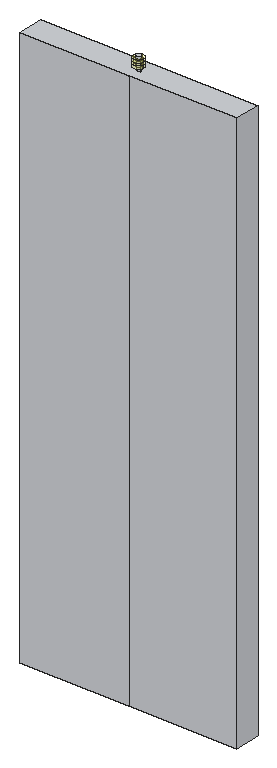
Revit family "roldana completa porta", category Generic Models, Revit 2014
Reference planes (m)
  plane 1 "Center (Front/Back)": y = 0
  plane 2: z = 0
  plane 3 "Center (Left/Right)": x = 0
Dimensions and locks (m)
  nested 4 to plane 1 "Center (Front/Back)" to nested 4 = 0.05937 m, 0.06063 m
  aligned and locked: plane 2 to level
Nested families (m)
  nested 1: "roldana" at (0, -0.00063, 2.61125), type "roldana"
  nested 2: "aste roldana" at (0.000094, -0.00063, 2.59125), type "aste roldana"
  nested 3: "roldana" at (0, -0.00063, 2.635737), type "roldana"
  nested 4: "parede" at (0, -0.06063, 0), type "parede"
Definition of nested family "roldana"
  Parameters (values of type "roldana")
    rario externo = 0.025 m
    raio interno = 0.01 m
    metal roldana = Default Light Source
    altura roldana = 0.015 m
  Reference planes (m)
    plane 1 "Center (Front/Back)": y = 0
    plane 2: z = 0
    plane 3 "Center (Left/Right)": x = 0
    plane 4: z = 0.015
  Forms (m)
    Extrusion 1, solid, material "Default Light Source" <- "metal roldana"
      sketch origin (0, 0, 0) x (1, 0, 0) y (0, 1, 0)
        loop
          circle (0, 0) r 0.025
        loop
          circle (0, 0) r 0.01
      from 0 to 0.015
  Dimensions and locks (m)
    "altura roldana": plane 4 to level
    "rario externo": radius of Extrusion 1 sketch curve
    "raio interno": radius of Extrusion 1 sketch curve
    aligned and locked: plane 2 to level
    aligned and locked: plane 4 to Extrusion 1
  Automatic sketch dimensions
    Extrusion 1 sketch curve to Extrusion 1 sketch curve = 0.00 m  (x2)
    plane 1 "Center (Front/Back)" to Extrusion 1 sketch curve = 0.00 m
    Extrusion 1 sketch curve to plane 3 "Center (Left/Right)" = 0.00 m
Definition of nested family "aste roldana"
  Parameters (values of type "aste roldana")
    raio grosso aste = 0.012 m
    raio aste da roldana = 0.009 m
    altura da parte grossa da aste = 0.005 m
    altura aste = 0.06 m
  Reference planes (m)
    plane 1 "Center (Front/Back)": y = 0
    plane 2: z = 0
    plane 3 "Center (Left/Right)": x = 0
    plane 4: z = 0.06
    plane 5: z = 0.065
  Forms (m)
    Extrusion 1, solid
      sketch origin (0, 0, 0) x (1, 0, 0) y (0, 1, 0)
        loop
          circle (0, 0) r 0.009
      from 0 to 0.06
    Extrusion 2, solid
      sketch origin (-0.047058, -0.042889, 0) x (1, 0, 0) y (0, 1, 0)
        loop
          circle (0.047105, 0.042926) r 0.012
      from 0.06 to 0.065
  Dimensions and locks (m)
    level to plane 4 = 0.06 m
    "altura aste": plane 4 to level
    "altura da parte grossa da aste": plane 5 to plane 4
    "raio aste da roldana": radius of Extrusion 1 sketch curve
    "raio grosso aste": radius of Extrusion 2 sketch curve
    aligned and locked: plane 2 to level
    aligned and locked: plane 4 to Extrusion 1
    aligned and locked: Extrusion 2 to Extrusion 1
    aligned and locked: plane 5 to Extrusion 2
  Automatic sketch dimensions
    plane 1 "Center (Front/Back)" to Extrusion 1 sketch curve = 0.00 m
    Extrusion 1 sketch curve to plane 3 "Center (Left/Right)" = 0.00 m
    plane 3 "Center (Left/Right)" to Extrusion 2 sketch curve = 0.000047 m
    Extrusion 2 sketch curve to plane 1 "Center (Front/Back)" = 0.000037 m
Definition of nested family "parede"
  Parameters (values of type "parede")
    altura painel = 2.60 m
  Reference planes (m)
    plane 1 "Center (Front/Back)": y = 0
    plane 2: z = 0
    plane 3 "Center (Left/Right)": x = 0
    plane 4: z = 2.6
    plane 5: y = 0.111894
  Forms (m)
    Extrusion 1, solid
      sketch origin (0, 0, 0) x (1, 0, 0) y (0, 1, 0)
        loop
          line (0, 0) -> (0.5, 0) -> (0.5, 0.12) -> (-0.5, 0.12) -> (-0.5, 0) -> (0, 0)
      from 0 to 2.6
  Dimensions and locks (m)
    "altura painel": plane 4 to level
    aligned and locked: plane 2 to level
    aligned and locked: plane 4 to Extrusion 1
  Automatic sketch dimensions
    plane 1 "Center (Front/Back)" to Extrusion 1 sketch curve = 0.00 m
    Extrusion 1 sketch curve to plane 3 "Center (Left/Right)" = 0.00 m
    plane 5 to Extrusion 1 sketch curve = 0.008106 m
    Extrusion 1 sketch curve to plane 3 "Center (Left/Right)" = 0.50 m
    plane 3 "Center (Left/Right)" to Extrusion 1 sketch curve = 0.50 m
